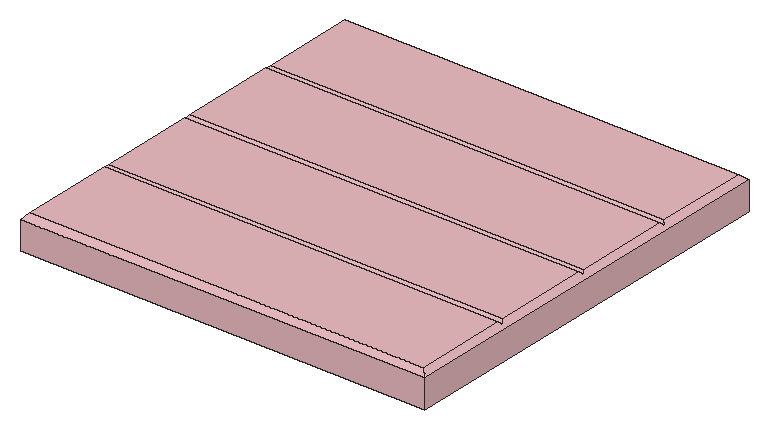
Revit family "LATITUDE 2ft x 2ft", category Specialty Equipment, Revit 2023
Family settings
  Round Connector Dimension = Use Diameter
  Part Type = Normal
  OmniClass Number = 23.35.00.00
  OmniClass Title = Covering, Cladding, and Finishes
  Work Plane-Based = Yes
  Enable Cutting in Views = Yes
  Always vertical = No
  Cut with Voids When Loaded = No
  Maintain Annotation Orientation = No
  Shared = No
  Room Calculation Point = No
Parameters (values of type "2 INCH THICK - CUSTOM PAINTED - STANDARD")
  URL = "https://www.acousticalsurfaces.com/envirocoustic-wood-wool/designs/"
  Type Comments = "Acoustic panels for vertical and horizontal surfaces"
  Thickness = 0' - 2"
  Recycled Content Percentage = "0%"
  Model = "Envirocoustic Wood Wool"
  Material = "Envirocoustic Wood Wool"
  Manufacturer = "Acoustical Surfaces, Inc."
  Fire Rating = "ASTM E84 - Class A"
  Finish = Paint - Acoustical-Surfaces - Custom Painted
  Description = "Acoustic Panels"
  Default Elevation = 0' - 0"
  Backer Thickness = 0' - 1"
  Backer = no
  Assembly Code = "C30"
  Acoustics - NRC = "Sound absorption varies from NRC 0.45 to 0.95 based on installation method used when tested per ASTM C423."
Types (27): name | Thickness | Finish | Backer Thickness | Backer
  2 INCH THICK - CUSTOM PAINTED - STANDARD | 0' - 2" | Paint - Acoustical-Surfaces - Custom Painted | 0' - 1" | no
  2 INCH THICK - PRIMED WHITE - STANDARD | 0' - 2" | Paint - Acoustical-Surfaces - Primed White | 0' - 1" | no
  2 INCH THICK - PRIMED CLEAR - STANDARD | 0' - 2" | Paint - Acoustical-Surfaces - Primed Clear | 0' - 1" | no
  2 INCH THICK - PRIMED WHITE - 2 INCH CFAB BACKER | 0' - 2" | Paint - Acoustical-Surfaces - Primed White | 0' - 2" | yes
  2 INCH THICK - PRIMED WHITE - 1 INCH CFAB BACKER | 0' - 2" | Paint - Acoustical-Surfaces - Primed White | 0' - 1" | yes
  2 INCH THICK - PRIMED CLEAR - 2 INCH CFAB BACKER | 0' - 2" | Paint - Acoustical-Surfaces - Primed Clear | 0' - 2" | yes
  2 INCH THICK - PRIMED CLEAR - 1 INCH CFAB BACKER | 0' - 2" | Paint - Acoustical-Surfaces - Primed Clear | 0' - 1" | yes
  2 INCH THICK - CUSTOM PAINTED - 2 INCH CFAB BACKER | 0' - 2" | Paint - Acoustical-Surfaces - Custom Painted | 0' - 2" | yes
  2 INCH THICK - CUSTOM PAINTED - 1 INCH CFAB BACKER | 0' - 2" | Paint - Acoustical-Surfaces - Custom Painted | 0' - 1" | yes
  1-3/8 INCH THICK - CUSTOM PAINTED - STANDARD | 0' - 1 3/8" | Paint - Acoustical-Surfaces - Custom Painted | 0' - 1" | no
  1-3/8 INCH THICK - PRIMED WHITE - STANDARD | 0' - 1 3/8" | Paint - Acoustical-Surfaces - Primed White | 0' - 1" | no
  1-3/8 INCH THICK - PRIMED CLEAR - STANDARD | 0' - 1 3/8" | Paint - Acoustical-Surfaces - Primed Clear | 0' - 1" | no
  1-3/8 INCH THICK - PRIMED WHITE - 2 INCH CFAB BACKER | 0' - 1 3/8" | Paint - Acoustical-Surfaces - Primed White | 0' - 2" | yes
  1-3/8 INCH THICK - PRIMED WHITE - 1 INCH CFAB BACKER | 0' - 1 3/8" | Paint - Acoustical-Surfaces - Primed White | 0' - 1" | yes
  1-3/8 INCH THICK - PRIMED CLEAR - 2 INCH CFAB BACKER | 0' - 1 3/8" | Paint - Acoustical-Surfaces - Primed Clear | 0' - 2" | yes
  1-3/8 INCH THICK - PRIMED CLEAR - 1 INCH CFAB BACKER | 0' - 1 3/8" | Paint - Acoustical-Surfaces - Primed Clear | 0' - 1" | yes
  1-3/8 INCH THICK - CUSTOM PAINTED - 2 INCH CFAB BACKER | 0' - 1 3/8" | Paint - Acoustical-Surfaces - Custom Painted | 0' - 2" | yes
  1-3/8 INCH THICK - CUSTOM PAINTED - 1 INCH CFAB BACKER | 0' - 1 3/8" | Paint - Acoustical-Surfaces - Custom Painted | 0' - 1" | yes
  1 INCH THICK - CUSTOM PAINTED - STANDARD | 0' - 1" | Paint - Acoustical-Surfaces - Custom Painted | 0' - 1" | no
  1 INCH THICK - PRIMED WHITE - STANDARD | 0' - 1" | Paint - Acoustical-Surfaces - Primed White | 0' - 1" | no
  1 INCH THICK - PRIMED CLEAR - STANDARD | 0' - 1" | Paint - Acoustical-Surfaces - Primed Clear | 0' - 1" | no
  1 INCH THICK - PRIMED WHITE - 2 INCH CFAB BACKER | 0' - 1" | Paint - Acoustical-Surfaces - Primed White | 0' - 2" | yes
  1 INCH THICK - PRIMED WHITE - 1 INCH CFAB BACKER | 0' - 1" | Paint - Acoustical-Surfaces - Primed White | 0' - 1" | yes
  1 INCH THICK - PRIMED CLEAR - 2 INCH CFAB BACKER | 0' - 1" | Paint - Acoustical-Surfaces - Primed Clear | 0' - 2" | yes
  1 INCH THICK - PRIMED CLEAR - 1 INCH CFAB BACKER | 0' - 1" | Paint - Acoustical-Surfaces - Primed Clear | 0' - 1" | yes
  1 INCH THICK - CUSTOM PAINTED - 2 INCH CFAB BACKER | 0' - 1" | Paint - Acoustical-Surfaces - Custom Painted | 0' - 2" | yes
  1 INCH THICK - CUSTOM PAINTED - 1 INCH CFAB BACKER | 0' - 1" | Paint - Acoustical-Surfaces - Custom Painted | 0' - 1" | yes
Reference planes (in)
  plane 1 "Center (Front/Back)": y = 0
  plane 2: z = 0
  plane 3 "Center (Left/Right)": x = 0
  plane 4: x = -12
  plane 5: x = 12
  plane 6: y = 12
  plane 7: y = -12
  plane 8: z = 2
  plane 9: z = -1
Forms (in)
  Extrusion 1, solid, material "Paint - Acoustical-Surfaces - Custom Painted" <- "Finish"
    sketch origin (0, 0, 0) x (1, 0, 0) y (0, 1, 0)
      loop
        line (12, 12) -> (-12, 12) -> (-12, -12) -> (12, -12) -> (12, 12)
    from 0 to 2
  Sweep 2, void
    path in 3D
      loop
        line (12, 12, 2) -> (-12, 12, 2) -> (-12, -12, 2) -> (12, -12, 2) -> (12, 12, 2)
    profile "Triangle : Family2" origin (12, 0, 2) x (-1, 0, 0) y (0, 0, 1)
      loop
        line (0, 0) -> (0, -0.315) -> (0.315, 0) -> (0, 0)
  Extrusion 3, solid, visible <- "Backer"
    sketch origin (0, 0, 0) x (1, 0, 0) y (0, 1, 0)
      loop
        line (12, 12) -> (-12, 12) -> (-12, -12) -> (12, -12) -> (12, 12)
    from 0 to -1
  Sweep 4, void
    path origin (0, 0, 2) x (1, 0, 0) y (0, 1, 0)
      loop
        line (12, 6) -> (-12, 6)
    profile "Groove : Family2" origin (0, 6, 2) x (0, -1, 0) y (0, 0, 1)
      loop
        line (-0.1575, 0) -> (0, -0.1575) -> (0.1575, 0) -> (-0.1575, 0)
  Sweep 5, void
    path origin (0, -6, 2) x (1, 0, 0) y (0, 1, 0)
      loop
        line (12, 6) -> (-12, 6)
    profile "Groove : Family2" origin (0, 0, 2) x (0, -1, 0) y (0, 0, 1)
      loop
        line (-0.1575, 0) -> (0, -0.1575) -> (0.1575, 0) -> (-0.1575, 0)
  Sweep 6, void
    path origin (0, -12, 2) x (1, 0, 0) y (0, 1, 0)
      loop
        line (12, 6) -> (-12, 6)
    profile "Groove : Family2" origin (0, -6, 2) x (0, -1, 0) y (0, 0, 1)
      loop
        line (-0.1575, 0) -> (0, -0.1575) -> (0.1575, 0) -> (-0.1575, 0)
Cuts and joins
  Sweep 2, Sweep 4, Sweep 5, Sweep 6 cuts Extrusion 1
Lines and regions (in)
  sketch lines
    curve 1: line (12, -12, 2) -> (12, 12, 2)
    curve 2: line (-12, -12, 2) -> (12, -12, 2)
    curve 3: line (-12, 12, 2) -> (-12, -12, 2)
    curve 4: line (12, 12, 2) -> (-12, 12, 2)
Dimensions and locks (in)
  equal spacing: plane 4, plane 3 "Center (Left/Right)", plane 5
  equal spacing: plane 7, plane 1 "Center (Front/Back)", plane 6
  locked: plane 7 to plane 6 at 24
  locked: plane 4 to plane 5 at 24
  "Thickness": plane 8 to level
  "Backer Thickness": level to plane 9
  aligned and locked: level to plane 2
  aligned and locked: Extrusion 1 sketch curve to plane 4
  aligned and locked: plane 5 to Extrusion 1 sketch curve
  aligned and locked: Extrusion 1 sketch curve to plane 6
  aligned and locked: Extrusion 1 sketch curve to plane 7
  aligned and locked: Extrusion 1 to plane 8
  aligned and locked: Extrusion 3 sketch curve to plane 4
  aligned and locked: plane 5 to Extrusion 3 sketch curve
  aligned and locked: Extrusion 3 sketch curve to plane 6
  aligned and locked: Extrusion 3 sketch curve to plane 7
  aligned and locked: plane 9 to Extrusion 3
Automatic sketch dimensions
  Sweep 4 sketch curve to Extrusion 1 = 0' - 0"  (x2)
  Sweep 4 sketch curve to Extrusion 1 = 0' - 6"
  Sweep 5 sketch curve to Extrusion 1 = 0' - 0"  (x2)
  Sweep 5 sketch curve to Extrusion 1 = 1' - 0"
  Sweep 6 sketch curve to Extrusion 1 = 0' - 0"  (x2)
  Sweep 6 sketch curve to Extrusion 1 = 0' - 6"
